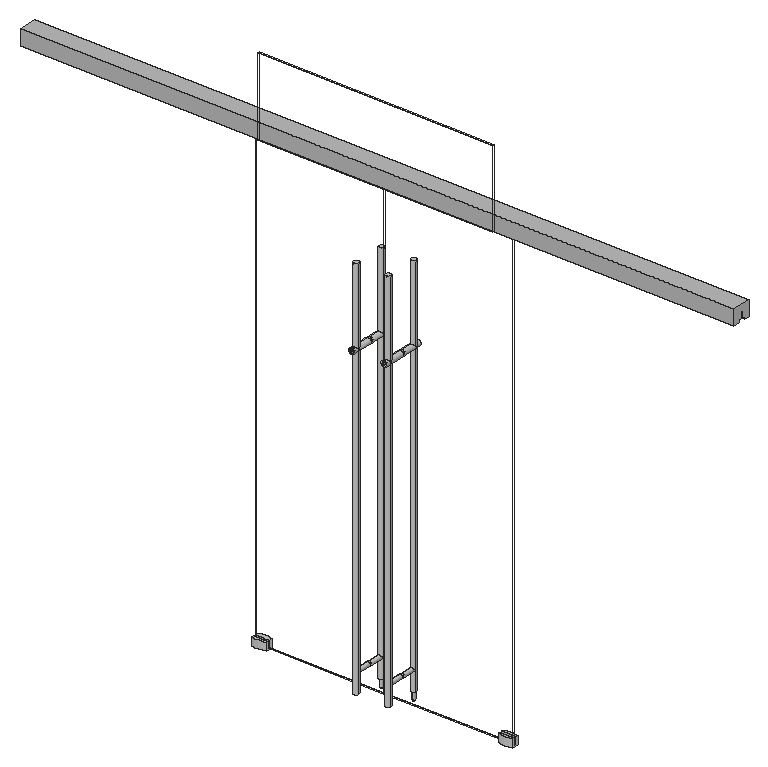
Revit family "Doors_Sliding_Avanti_Systems_Polaris-Auto-Magnetic-Slider_Pair-Glass-Mount-Sgl-Glazed", category Doors, Revit 2015 (continued)
Definition of nested family "Handle"
  Definition of nested family "Hinged Framed Swing locker"
    Automatic sketch dimensions
      Extrusion 13 sketch curve to Extrusion 13 sketch curve = 0.0652"  (x2)
      plane 25 to Extrusion 13 sketch curve = 0.32895"
      Extrusion 13 sketch curve to Extrusion 13 sketch curve = 0.14346"
      plane 25 to Extrusion 13 sketch curve = 0.11187"
      plane 3 "Center (Left/Right)" to Extrusion 13 sketch curve = 0.28149"
      plane 27 to Extrusion 14 sketch curve = 1.04735"
      Extrusion 14 sketch curve to plane 26 = 0.06323"
      Extrusion 14 sketch curve to plane 26 = 0.05213"
      Extrusion 14 sketch curve to plane 16 = 0.02652"
      Extrusion 14 sketch curve to Extrusion 14 sketch curve = 0.09753"
      Extrusion 14 sketch curve to Extrusion 14 sketch curve = 0.1137"
      plane 24 to curve 1 = 5/256"
      plane 25 to curve 1 = 0.32895"
      plane 3 "Center (Left/Right)" to curve 1 = 91/256"
      radius of Extrusion 4 sketch curve = 0.63654"
      radius of Extrusion 4 sketch curve = 0.60041"
      radius of Extrusion 5 sketch curve = 0.60041"
      radius of Blend 6 sketch curve = 0.21605"
      radius of Blend 6 sketch curve = 0.19257"
      radius of Extrusion 7 sketch curve = 91/256"
      radius of Extrusion 11 sketch curve = 91/256"
  Definition of nested family "Handle_For-Glass_Rounded_600mm"
    Parameters (values of type "Handle_For-Glass_Rounded_600mm")
      Handle Material [instance] = none
      Handle Height [instance] = 48"  # constant formula
      Default Elevation = 48"
    Reference planes (in)
      plane 1 "Center (Front/Back)": y = 0
      plane 2: z = 26.93599
      plane 3 "Center (Left/Right)": x = 0
      plane 4: z = 0
      plane 5: z = -2.66749
      plane 6: y = -28.44876
      plane 7: y = 14.63423
      plane 8: y = -33.36577
    Forms (in)
      Sweep 1, solid, material <- "Handle Material"
        path origin (0, -17.24158, 0) x (0, 0, 1) y (0, -1, 0)
          loop
            line (-2.10925, 11.20718) -> (0, 11.20718)
        profile origin (0, -28.44876, 0) x (0, -1, 0) y (1, 0, 0)
          loop
            circle (0, 0) r 0.3125
      Sweep 2, solid, material <- "Handle Material"
        path origin (0, 10.76459, 0) x (0, 0, 1) y (0, -1, 0)
          loop
            line (-2.30394, 1.07019) -> (0, 1.07019)
        profile origin (0, 9.69441, 0) x (0, -1, 0) y (1, 0, 0)
          loop
            circle (0, 0) r 0.3125
      Extrusion 3, solid, material <- "Handle Material"
        sketch origin (0, -17.24158, 0) x (1, 0, 0) y (0, 0, -1)
          loop
            circle (0, 2.27257) r 0.39445
        from -16.12419 to 31.87581
    Dimensions and locks (in)
      locked: plane 8 to plane 6 at 4.91701
      "Handle Height": plane 7 to plane 8
      aligned and locked: plane 7 to Extrusion 3
      aligned and locked: Extrusion 3 to plane 8
  Definition of nested family "Handle_For-Glass_Rounded_60in"
    Parameters (values of type "60"")
      No locker [instance] = yes
      Locker [instance] = yes
      Handle Material [instance] = none
      Handle Height [instance] = 60"  # constant formula
    Reference planes (in)
      plane 1 "Center (Front/Back)": y = 0
      plane 2: z = 19.87581
      plane 3 "Center (Left/Right)": x = 0
      plane 4: z = 2.66749
      plane 5: y = -36.97039
      plane 6: z = 0
      plane 7: y = 20.02961
      plane 8: y = -39.97039
    Forms (in)
      Sweep 1, solid, material <- "Handle Material"
        path origin (0, -11.8462, 0) x (0, 0, -1) y (0, 1, 0)
          loop
            line (-2.10925, -25.12419) -> (0, -25.12419)
        profile origin (0, -36.97039, 0) x (1, 0, 0) y (0, 1, 0)
          loop
            circle (0, 0) r 0.3125
      Sweep 2, solid, material <- "Handle Material"
        path origin (0, 16.15997, 0) x (0, 0, -1) y (0, 1, 0)
          loop
            line (-3.10757, -8.13036) -> (0, -8.13036)
        profile origin (0, 8.02961, 0) x (1, 0, 0) y (0, 1, 0)
          loop
            circle (0, 0) r 0.4375
      Extrusion 3, solid, material <- "Handle Material"
        sketch origin (0, -11.8462, 0) x (1, 0, 0) y (0, 0, -1)
          loop
            circle (0, -2.27257) r 0.39445
        from -28.12419 to 31.87581
      Revolve 4, solid, material <- "Handle Material"
        sketch origin (0, -11.8462, 0) x (0, 0, -1) y (0, 1, 0)
          loop
            line (-3.10757, 20.0489) -> (-3.19084, 20.0489) -> (-3.19084, 19.87581) -> (-3.10757, 19.87581) -> (-3.10757, 20.0489)
          axis (-3.10757, 19.87581) -> (-3.19084, 19.87581)
        angle from 0 to 360
      Extrusion 5, solid, material <- "Handle Material", visible <- "Locker"
        sketch origin (0, -11.8462, 0) x (0, 0, -1) y (0, 1, 0)
          loop
            line (-3.19084, 19.98905) -> (-3.34908, 19.98905)
            arc (-3.34908, 19.98905) -> (-3.37904, 19.97664) -> (-3.39145, 19.94668) r 0.04237
            line (-3.39145, 19.94668) -> (-3.39145, 19.80495)
            arc (-3.39145, 19.80495) -> (-3.37904, 19.77499) -> (-3.34908, 19.76258) r 0.04237
            line (-3.34908, 19.76258) -> (-3.19084, 19.76258) -> (-3.19084, 19.98905)
        from -0.03592 to 0.03621
      Revolve 6, solid, material <- "Handle Material", visible <- "No locker"
        sketch origin (0, -11.62359, 0) x (0, 0, -1) y (0, 1, 0)
          loop
            line (-3.10757, 20.0489) -> (-3.20833, 20.0489) -> (-3.20833, 19.87581) -> (-3.10757, 19.87581) -> (-3.10757, 20.0489)
          axis (-3.10757, 19.87581) -> (-3.20833, 19.87581)
        angle from 0 to 360
      Revolve 7, solid, material <- "Handle Material", visible <- "Locker"
        sketch origin (0, -11.8462, 0) x (0, 0, -1) y (0, 1, 0)
          loop
            line (-2.27257, -28.12419) -> (-2.50833, -28.12419) -> (-2.50833, -29.32199) -> (-2.41048, -29.49919) -> (-2.27257, -29.49919) -> (-2.27257, -28.12419)
          axis (-2.27257, -28.12419) -> (-2.27257, -29.49919)
        angle from 0 to 360
    Lines and regions (in)
      reference lines
        curve 1: line (0, -40.47039, 2.66749) -> (0, -40.47039, 0)
    Dimensions and locks (in)
      locked: plane 8 to plane 5 at 3
      "Handle Height": plane 7 to plane 8
      aligned and locked: Extrusion 3 to plane 7
      aligned and locked: Extrusion 3 to plane 8
      aligned and locked: Sweep 1 sketch curve to plane 5
  Definition of nested family "Handle_For-Glass_Rounded_60in2"
    Parameters (values of type "60"")
      No locker [instance] = yes
      Locker [instance] = yes
      Handle Material [instance] = none
      Handle Height [instance] = 60"  # constant formula
    Reference planes (in)
      plane 1 "Center (Front/Back)": y = 0
      plane 2: z = 19.87581
      plane 3 "Center (Left/Right)": x = 0
      plane 4: y = -36.97039
      plane 5: z = 0
      plane 6: y = 20.02961
      plane 7: y = -39.97039
      plane 8: z = -2.66749
    Forms (in)
      Sweep 1, solid, material <- "Handle Material"
        path origin (0, -11.8462, 0) x (0, 0, 1) y (0, 1, 0)
          loop
            line (-2.10925, -25.12419) -> (0, -25.12419)
        profile origin (0, -36.97039, 0) x (0, -1, 0) y (1, 0, 0)
          loop
            circle (0, 0) r 0.3125
      Sweep 2, solid, material <- "Handle Material"
        path origin (0, 16.15997, 0) x (0, 0, 1) y (0, 1, 0)
          loop
            line (-3.10757, -8.13036) -> (0, -8.13036)
        profile origin (0, 8.02961, 0) x (0, -1, 0) y (1, 0, 0)
          loop
            circle (0, 0) r 0.4375
      Extrusion 3, solid, material <- "Handle Material"
        sketch origin (0, -11.8462, 0) x (1, 0, 0) y (0, 0, -1)
          loop
            circle (0, 2.27257) r 0.39445
        from -28.12419 to 31.87581
      Revolve 4, solid, material <- "Handle Material"
        sketch origin (0, -11.8462, 0) x (0, 0, 1) y (0, 1, 0)
          loop
            line (-3.10757, 20.0489) -> (-3.19084, 20.0489) -> (-3.19084, 19.87581) -> (-3.10757, 19.87581) -> (-3.10757, 20.0489)
          axis (-3.10757, 19.87581) -> (-3.19084, 19.87581)
        angle from 0 to 360
      Extrusion 5, solid, material <- "Handle Material", visible <- "Locker"
        sketch origin (0, -11.8462, 0) x (0, 0, 1) y (0, -1, 0)
          loop
            line (-3.19084, -19.98905) -> (-3.19084, -19.76258) -> (-3.34908, -19.76258)
            arc (-3.34908, -19.76258) -> (-3.37904, -19.77499) -> (-3.39145, -19.80495) r 0.04237
            line (-3.39145, -19.80495) -> (-3.39145, -19.94668)
            arc (-3.39145, -19.94668) -> (-3.37904, -19.97664) -> (-3.34908, -19.98905) r 0.04237
            line (-3.34908, -19.98905) -> (-3.19084, -19.98905)
        from -0.03592 to 0.03621
      Revolve 6, solid, material <- "Handle Material", visible <- "No locker"
        sketch origin (0, -11.62359, 0) x (0, 0, 1) y (0, 1, 0)
          loop
            line (-3.10757, 20.0489) -> (-3.20833, 20.0489) -> (-3.20833, 19.87581) -> (-3.10757, 19.87581) -> (-3.10757, 20.0489)
          axis (-3.10757, 19.87581) -> (-3.20833, 19.87581)
        angle from 0 to 360
      Revolve 7, solid, material <- "Handle Material", visible <- "Locker"
        sketch origin (0, -11.8462, 0) x (0, 0, 1) y (0, 1, 0)
          loop
            line (-2.27257, -28.12419) -> (-2.50833, -28.12419) -> (-2.50833, -29.32199) -> (-2.41048, -29.49919) -> (-2.27257, -29.49919) -> (-2.27257, -28.12419)
          axis (-2.27257, -28.12419) -> (-2.27257, -29.49919)
        angle from 0 to 360
    Lines and regions (in)
      reference lines
        curve 1: line (0, -40.47039, -2.66749) -> (0, -40.47039, 0)
    Dimensions and locks (in)
      locked: plane 7 to plane 4 at 3
      "Handle Height": plane 6 to plane 7
Definition of nested family "Rail-Detail"
  Parameters (values of type "Family9")
    Thickness = 1/2"
    Half Thickness = Thickness / 2  # 1/4"
  Reference planes (in)
    plane 1 "Center (Front/Back)": y = 0
    plane 2: z = 0
    plane 3 "Center (Left/Right)": x = 0
    plane 4: x = 0.07386
  Lines and regions (in)
    model lines, in view "Ref. Level"
      curve 1: arc (-1.04773, 0.84252, 0) -> (-0.88829, 0.68307, 0) -> (-0.72884, 0.84252, 0) r 0.15945
      curve 2: arc (-0.72884, -0.84252, 0) -> (-0.8873, -0.68406, 0) -> (-1.04577, -0.84252, 0) r 0.15846
      curve 3: arc (1.33613, 1.08268, 0) -> (1.31306, 1.13836, 0) -> (1.25739, 1.16142, 0) r 0.07874
      curve 4: arc (1.25739, -1.18111, 0) -> (1.31306, -1.15804, 0) -> (1.33613, -1.10236, 0) r 0.07874
      curve 5: arc (0.74558, -1.16929, 0) -> (0.74904, -1.17765, 0) -> (0.75739, -1.18111, 0) r 0.01181
      curve 6: arc (0.75739, -1.07284, 0) -> (0.74903, -1.0763, 0) -> (0.74558, -1.08465, 0) r 0.01181
      curve 7: arc (0.80848, -1.07562, 0) -> (0.80492, -1.07355, 0) -> (0.80087, -1.07284, 0) r 0.01182
      curve 8: arc (0.81644, -1.08759, 0) -> (0.81516, -1.08223, 0) -> (0.81158, -1.07804, 0) r 0.01181
      curve 9: arc (0.81644, -1.12205, 0) -> (0.81875, -1.12762, 0) -> (0.82432, -1.12992, 0) r 0.00787
      curve 10: arc (0.86369, -1.12992, 0) -> (0.86925, -1.12762, 0) -> (0.87156, -1.12205, 0) r 0.00787
      curve 11: arc (0.87642, -1.07804, 0) -> (0.87285, -1.08223, 0) -> (0.87156, -1.08759, 0) r 0.01181
      curve 12: arc (0.87642, -1.07804, 0) -> (0.89912, -1.03347, 0) -> (0.87642, -0.9889, 0) r 0.05512
      curve 13: arc (0.87156, -0.97934, 0) -> (0.87285, -0.9847, 0) -> (0.87642, -0.9889, 0) r 0.01182
      curve 14: arc (0.87156, -0.94488, 0) -> (0.86925, -0.93932, 0) -> (0.86369, -0.93701, 0) r 0.00787
      curve 15: arc (0.82432, -0.93701, 0) -> (0.81875, -0.93932, 0) -> (0.81644, -0.94488, 0) r 0.00787
      curve 16: arc (0.81158, -0.98889, 0) -> (0.81516, -0.9847, 0) -> (0.81644, -0.97934, 0) r 0.01182
      curve 17: arc (0.80088, -0.9941, 0) -> (0.80493, -0.99338, 0) -> (0.80848, -0.99132, 0) r 0.0118
      curve 18: arc (0.74558, -0.98229, 0) -> (0.74903, -0.99064, 0) -> (0.75739, -0.9941, 0) r 0.01181
      curve 19: arc (0.75739, -0.88583, 0) -> (0.74903, -0.88929, 0) -> (0.74558, -0.89764, 0) r 0.01181
      curve 20: arc (1.00148, -0.89764, 0) -> (0.99802, -0.88929, 0) -> (0.98967, -0.88583, 0) r 0.01181
      curve 21: arc (1.00148, -1.09055, 0) -> (1.00494, -1.0989, 0) -> (1.01329, -1.10236, 0) r 0.01181
      curve 22: arc (1.26526, -1.10236, 0) -> (1.27361, -1.0989, 0) -> (1.27707, -1.09055, 0) r 0.01181
      curve 23: arc (1.27707, 0.68898, 0) -> (1.26554, 0.71682, 0) -> (1.2377, 0.72835, 0) r 0.03937
      curve 24: arc (1.21802, 0.74016, 0) -> (1.22148, 0.73181, 0) -> (1.22983, 0.72835, 0) r 0.01181
      curve 25: arc (1.21802, 1.01968, 0) -> (1.21571, 1.02525, 0) -> (1.21014, 1.02756, 0) r 0.00788
      curve 26: arc (0.844, 1.09843, 0) -> (0.80857, 1.06299, 0) -> (0.844, 1.02756, 0) r 0.03543
      curve 27: arc (1.07629, 1.09843, 0) -> (1.08185, 1.10073, 0) -> (1.08416, 1.1063, 0) r 0.00787
      curve 28: arc (1.09204, 1.16142, 0) -> (1.08647, 1.15911, 0) -> (1.08416, 1.15354, 0) r 0.00788
      curve 29: arc (-1.25049, 0.88583, 0) -> (-1.25884, 0.88237, 0) -> (-1.2623, 0.87402, 0) r 0.01181
      curve 30: arc (-1.2623, -0.87402, 0) -> (-1.25884, -0.88237, 0) -> (-1.25049, -0.88583, 0) r 0.01181
      curve 31: arc (-0.46309, -0.9941, 0) -> (-0.45474, -0.99064, 0) -> (-0.45128, -0.98229, 0) r 0.01181
      curve 32: arc (-0.51419, -0.99132, 0) -> (-0.51689, -0.98918, 0) -> (-0.51971, -0.98722, 0) r 0.05492
      curve 33: arc (0.82235, 0.88583, 0) -> (0.814, 0.88237, 0) -> (0.81054, 0.87402, 0) r 0.01181
      curve 34: arc (-0.1875, 1.02362, 0) -> (-0.19585, 1.02017, 0) -> (-0.19931, 1.01181, 0) r 0.01181
      curve 35: arc (-0.21112, 0.95669, 0) -> (-0.20277, 0.96015, 0) -> (-0.19931, 0.9685, 0) r 0.01181
      curve 36: arc (-0.49065, 0.95669, 0) -> (-0.499, 0.95323, 0) -> (-0.50246, 0.94488, 0) r 0.01181
      curve 37: arc (-0.50246, 0.85827, 0) -> (-0.499, 0.84992, 0) -> (-0.49065, 0.84646, 0) r 0.01181
      curve 38: arc (-0.39616, 0.83465, 0) -> (-0.39962, 0.843, 0) -> (-0.40797, 0.84646, 0) r 0.01181
      curve 39: arc (-0.40797, 0.72835, 0) -> (-0.39962, 0.73181, 0) -> (-0.39616, 0.74016, 0) r 0.01181
      curve 40: arc (-0.50593, 0.73181, 0) -> (-0.50209, 0.72925, 0) -> (-0.49756, 0.72835, 0) r 0.01184
      curve 41: arc (-0.60088, 0.83166, 0) -> (-0.59998, 0.82715, 0) -> (-0.59743, 0.82332, 0) r 0.0118
      curve 42: arc (-0.60088, 0.87402, 0) -> (-0.60434, 0.88237, 0) -> (-0.61269, 0.88583, 0) r 0.01181
      curve 43: arc (1.13337, 0.87402, 0) -> (1.12991, 0.88237, 0) -> (1.12156, 0.88583, 0) r 0.01181
      curve 44: arc (0.81054, 0.8189, 0) -> (0.814, 0.81054, 0) -> (0.82235, 0.80709, 0) r 0.01181
      curve 45: arc (0.86369, 0.79528, 0) -> (0.86023, 0.80363, 0) -> (0.85188, 0.80709, 0) r 0.01181
      curve 46: arc (0.85188, 0.72835, 0) -> (0.86023, 0.73181, 0) -> (0.86369, 0.74016, 0) r 0.01181
      curve 47: arc (0.59991, 0.84646, 0) -> (0.59155, 0.843, 0) -> (0.58809, 0.83465, 0) r 0.01181
      curve 48: arc (0.68258, 0.84646, 0) -> (0.69094, 0.84992, 0) -> (0.69439, 0.85827, 0) r 0.01181
      curve 49: arc (-0.45128, -0.89764, 0) -> (-0.45474, -0.88929, 0) -> (-0.46309, -0.88583, 0) r 0.01181
      curve 50: arc (-0.51419, -0.99132, 0) -> (-0.51063, -0.99338, 0) -> (-0.50658, -0.9941, 0) r 0.0118
      curve 51: arc (-0.57969, -0.98722, 0) -> (-0.60482, -1.03347, 0) -> (-0.57969, -1.07971, 0) r 0.05512
      curve 52: arc (-0.51971, -1.07971, 0) -> (-0.51688, -1.07775, 0) -> (-0.51418, -1.07562, 0) r 0.05538
      curve 53: arc (-0.50657, -1.07284, 0) -> (-0.51062, -1.07355, 0) -> (-0.51418, -1.07562, 0) r 0.01182
      curve 54: arc (-0.45128, -1.08465, 0) -> (-0.45474, -1.0763, 0) -> (-0.46309, -1.07284, 0) r 0.01181
      curve 55: arc (-0.46309, -1.18111, 0) -> (-0.45474, -1.17765, 0) -> (-0.45128, -1.16929, 0) r 0.01181
      curve 56: arc (-1.41978, -1.10236, 0) -> (-1.39672, -1.15804, 0) -> (-1.34104, -1.18111, 0) r 0.07874
      curve 57: arc (-1.34104, 1.1811, 0) -> (-1.39672, 1.15804, 0) -> (-1.41978, 1.10236, 0) r 0.07874
      curve 58: arc (0.5881, 0.74016, 0) -> (0.59155, 0.73181, 0) -> (0.59991, 0.72835, 0) r 0.01181
      curve 59: arc (0.78638, 1.17372, 0) -> (0.78203, 1.17909, 0) -> (0.77543, 1.1811, 0) r 0.01181
      curve 60: arc (0.78638, 1.17372, 0) -> (0.80463, 1.16142, 0) -> (0.82288, 1.17372, 0) r 0.01969
      curve 61: arc (0.83383, 1.1811, 0) -> (0.82723, 1.17909, 0) -> (0.82288, 1.17372, 0) r 0.01181
      curve 62: arc (0.69439, 0.94488, 0) -> (0.69094, 0.95323, 0) -> (0.68258, 0.95669, 0) r 0.01181
      curve 63: arc (0.39124, 0.9685, 0) -> (0.3947, 0.96015, 0) -> (0.40305, 0.95669, 0) r 0.01181
      curve 64: arc (0.39124, 1.01181, 0) -> (0.38779, 1.02017, 0) -> (0.37943, 1.02362, 0) r 0.01181
      curve 65: arc (1.20893, 0.9635, 0) -> (1.21547, 0.96767, 0) -> (1.21802, 0.975, 0) r 0.01181
      curve 66: arc (1.20893, 0.9635, 0) -> (1.17865, 0.9252, 0) -> (1.20893, 0.88689, 0) r 0.03937
      curve 67: arc (1.21802, 0.8754, 0) -> (1.21547, 0.88272, 0) -> (1.20893, 0.88689, 0) r 0.01181
      curve 68: arc (1.20621, 0.72835, 0) -> (1.21456, 0.73181, 0) -> (1.21802, 0.74016, 0) r 0.01181
      curve 69: arc (1.08022, 0.74016, 0) -> (1.08368, 0.73181, 0) -> (1.09203, 0.72835, 0) r 0.01181
      curve 70: arc (1.09203, 0.80709, 0) -> (1.08368, 0.80363, 0) -> (1.08022, 0.79528, 0) r 0.01181
      curve 71: arc (1.12156, 0.80709, 0) -> (1.12991, 0.81054, 0) -> (1.13337, 0.8189, 0) r 0.01181
      curve 72: arc (-1.09695, -1.04331, 0) -> (-1.09464, -1.04888, 0) -> (-1.08907, -1.05118, 0) r 0.00787
      curve 73: arc (-0.6875, -1.05118, 0) -> (-0.68193, -1.04888, 0) -> (-0.67962, -1.04331, 0) r 0.00787
      curve 74: arc (-0.67175, -0.88583, 0) -> (-0.67732, -0.88813, 0) -> (-0.67962, -0.8937, 0) r 0.00787
      curve 75: arc (-1.09695, -0.8937, 0) -> (-1.09925, -0.88814, 0) -> (-1.10482, -0.88583, 0) r 0.00787
      curve 76: arc (-1.08907, 1.05118, 0) -> (-1.09463, 1.04888, 0) -> (-1.09695, 1.04332, 0) r 0.00788
      curve 77: arc (-1.10482, 0.88583, 0) -> (-1.09925, 0.88814, 0) -> (-1.09695, 0.8937, 0) r 0.00787
      curve 78: arc (-0.67962, 1.0433, 0) -> (-0.68193, 1.04888, 0) -> (-0.6875, 1.05118, 0) r 0.00788
      curve 79: arc (-0.67962, 0.8937, 0) -> (-0.67732, 0.88813, 0) -> (-0.67175, 0.88583, 0) r 0.00787
      curve 80: arc (-0.53002, -1.12992, 0) -> (-0.52445, -1.12762, 0) -> (-0.52214, -1.12205, 0) r 0.00787
      curve 81: arc (-0.57726, -1.12205, 0) -> (-0.57495, -1.12762, 0) -> (-0.56939, -1.12992, 0) r 0.00787
      curve 82: arc (-0.56939, -0.93701, 0) -> (-0.57495, -0.93932, 0) -> (-0.57726, -0.94488, 0) r 0.00787
      curve 83: arc (-0.52214, -0.94488, 0) -> (-0.52445, -0.93932, 0) -> (-0.53002, -0.93701, 0) r 0.00787
      curve 84: arc (1.08022, 1.16929, 0) -> (1.07676, 1.17764, 0) -> (1.06841, 1.1811, 0) r 0.01181
      curve 85: arc (1.04085, 1.10236, 0) -> (1.06869, 1.1139, 0) -> (1.08022, 1.14173, 0) r 0.03937
      curve 86: arc (0.99314, 1.10691, 0) -> (0.99728, 1.10356, 0) -> (1.00246, 1.10236, 0) r 0.01181
      curve 87: arc (0.99314, 1.10691, 0) -> (0.96211, 1.12205, 0) -> (0.93108, 1.10691, 0) r 0.03937
      curve 88: arc (0.92177, 1.10236, 0) -> (0.92695, 1.10356, 0) -> (0.93108, 1.10691, 0) r 0.01181
      curve 89: arc (0.844, 1.10236, 0) -> (0.80463, 1.06299, 0) -> (0.844, 1.02362, 0) r 0.03937
      curve 90: arc (0.93108, 1.01908, 0) -> (0.92695, 1.02243, 0) -> (0.92177, 1.02362, 0) r 0.01181
      curve 91: arc (0.93108, 1.01908, 0) -> (0.96211, 1.00394, 0) -> (0.99314, 1.01908, 0) r 0.03937
      curve 92: arc (1.00246, 1.02362, 0) -> (0.99727, 1.02243, 0) -> (0.99314, 1.01908, 0) r 0.01181
      curve 93: arc (1.21802, 1.01181, 0) -> (1.21456, 1.02017, 0) -> (1.20621, 1.02362, 0) r 0.01181
      curve 94: line (-1.03396, 1, 0) -> (-0.74262, 1, 0)
      curve 95: line (-1.04773, 0.84252, 0) -> (-1.04773, 0.89626, 0)
      curve 96: line (-0.72884, 0.89626, 0) -> (-0.72884, 0.84252, 0)
      curve 97: line (-1.03396, -1, 0) -> (-0.74262, -1, 0)
      curve 98: line (-0.72884, -0.89626, 0) -> (-0.72884, -0.84252, 0)
      curve 99: line (-1.04577, -0.84252, 0) -> (-1.04577, -0.89626, 0)
      curve 100: line (1.33613, -1.10236, 0) -> (1.33613, 1.08268, 0)
      curve 101: line (0.75739, -1.18111, 0) -> (1.25739, -1.18111, 0)
      curve 102: line (0.75739, -1.07284, 0) -> (0.80087, -1.07284, 0)
      curve 103: line (0.81644, -1.08759, 0) -> (0.81644, -1.12205, 0)
      curve 104: line (0.82432, -1.12992, 0) -> (0.86369, -1.12992, 0)
      curve 105: line (0.87156, -1.12205, 0) -> (0.87156, -1.08759, 0)
      curve 106: line (0.87156, -0.97934, 0) -> (0.87156, -0.94488, 0)
      curve 107: line (0.86369, -0.93701, 0) -> (0.82432, -0.93701, 0)
      curve 108: line (0.81644, -0.94488, 0) -> (0.81644, -0.97934, 0)
      curve 109: line (0.80088, -0.9941, 0) -> (0.75739, -0.9941, 0)
      curve 110: line (0.75739, -0.88583, 0) -> (0.98967, -0.88583, 0)
      curve 111: line (1.26526, -1.10236, 0) -> (1.01329, -1.10236, 0)
      curve 112: line (1.27707, 0.68898, 0) -> (1.27707, -1.09055, 0)
      curve 113: line (1.22983, 0.72835, 0) -> (1.2377, 0.72835, 0)
      curve 114: line (1.21802, 1.01968, 0) -> (1.21802, 0.74016, 0)
      curve 115: line (1.21802, 0.74016, 0) -> (1.21802, 0.8754, 0)
      curve 116: line (1.00246, 1.02362, 0) -> (1.20621, 1.02362, 0)
      curve 117: line (1.21014, 1.02756, 0) -> (0.844, 1.02756, 0)
      curve 118: line (0.844, 1.02362, 0) -> (0.92177, 1.02362, 0)
      curve 119: line (0.92177, 1.10236, 0) -> (0.844, 1.10236, 0)
      curve 120: line (0.844, 1.09843, 0) -> (1.07629, 1.09843, 0)
      curve 121: line (1.08416, 1.1063, 0) -> (1.08416, 1.15354, 0)
      curve 122: line (1.25739, 1.16142, 0) -> (1.09204, 1.16142, 0)
      curve 123: line (0.74558, -0.89764, 0) -> (0.74558, -0.98229, 0)
      curve 124: line (1.00148, -1.09055, 0) -> (1.00148, -0.89764, 0)
      curve 125: line (0.74558, -1.08465, 0) -> (0.74558, -1.16929, 0)
      curve 126: line (-1.25049, 0.88583, 0) -> (-1.10482, 0.88583, 0)
      curve 127: line (-1.2623, -0.87402, 0) -> (-1.2623, 0.87402, 0)
      curve 128: line (-0.50658, -0.9941, 0) -> (-0.46309, -0.9941, 0)
      curve 129: line (0.82235, 0.88583, 0) -> (1.12156, 0.88583, 0)
      curve 130: line (-0.19931, 0.9685, 0) -> (-0.19931, 1.01181, 0)
      curve 131: line (-0.49065, 0.95669, 0) -> (-0.21112, 0.95669, 0)
      curve 132: line (-0.50246, 0.85827, 0) -> (-0.50246, 0.94488, 0)
      curve 133: line (-0.40797, 0.84646, 0) -> (-0.49065, 0.84646, 0)
      curve 134: line (-0.39616, 0.74016, 0) -> (-0.39616, 0.83465, 0)
      curve 135: line (-0.49756, 0.72835, 0) -> (-0.40797, 0.72835, 0)
      curve 136: line (-0.59743, 0.82332, 0) -> (-0.50593, 0.73181, 0)
      curve 137: line (-0.60088, 0.87402, 0) -> (-0.60088, 0.83166, 0)
      curve 138: line (-0.67175, 0.88583, 0) -> (-0.61269, 0.88583, 0)
      curve 139: line (1.13337, 0.87402, 0) -> (1.13337, 0.8189, 0)
      curve 140: line (0.81054, 0.8189, 0) -> (0.81054, 0.87402, 0)
      curve 141: line (0.85188, 0.80709, 0) -> (0.82235, 0.80709, 0)
      curve 142: line (0.86369, 0.74016, 0) -> (0.86369, 0.79528, 0)
      curve 143: line (0.59991, 0.72835, 0) -> (0.85188, 0.72835, 0)
      curve 144: line (0.58809, 0.83465, 0) -> (0.58809, 0.74016, 0)
      curve 145: line (0.68258, 0.84646, 0) -> (0.59991, 0.84646, 0)
      curve 146: line (-1.10482, -0.88583, 0) -> (-1.25049, -0.88583, 0)
      curve 147: line (-0.46309, -0.88583, 0) -> (-0.67175, -0.88583, 0)
      curve 148: line (-0.45128, -0.98229, 0) -> (-0.45128, -0.89764, 0)
      curve 149: line (-0.1875, 1.02362, 0) -> (0.07628, 1.02362, 0)
      curve 150: line (0.07628, 1.02362, 0) -> (0.09597, 1.04331, 0)
      curve 151: line (0.09597, 1.04331, 0) -> (0.11565, 1.02362, 0)
      curve 152: line (0.11565, 1.02362, 0) -> (0.37943, 1.02362, 0)
      curve 153: line (-0.46309, -1.07284, 0) -> (-0.50657, -1.07284, 0)
      curve 154: line (-0.45128, -1.16929, 0) -> (-0.45128, -1.08465, 0)
      curve 155: line (-1.34104, -1.18111, 0) -> (-0.46309, -1.18111, 0)
      curve 156: line (-1.41978, 1.10236, 0) -> (-1.41978, -1.10236, 0)
      curve 157: line (1.06841, 1.1811, 0) -> (0.83383, 1.1811, 0)
      curve 158: line (0.69439, 0.94488, 0) -> (0.69439, 0.85827, 0)
      curve 159: line (0.39124, 1.01181, 0) -> (0.39124, 0.9685, 0)
      curve 160: line (1.09203, 0.72835, 0) -> (1.20621, 0.72835, 0)
      curve 161: line (1.08022, 0.79528, 0) -> (1.08022, 0.74016, 0)
      curve 162: line (1.12156, 0.80709, 0) -> (1.09203, 0.80709, 0)
      curve 163: line (0.40305, 0.95669, 0) -> (0.68258, 0.95669, 0)
      curve 164: line (-1.09695, 1.04332, 0) -> (-1.09695, 0.8937, 0)
      curve 165: line (-0.6875, 1.05118, 0) -> (-1.08907, 1.05118, 0)
      curve 166: line (-0.67962, 0.8937, 0) -> (-0.67962, 1.0433, 0)
      curve 167: line (-0.67962, -1.04331, 0) -> (-0.67962, -0.8937, 0)
      curve 168: line (-1.08907, -1.05118, 0) -> (-0.6875, -1.05118, 0)
      curve 169: line (-1.09695, -0.8937, 0) -> (-1.09695, -1.04331, 0)
      curve 170: line (-0.57726, -1.08181, 0) -> (-0.57726, -1.12205, 0)
      curve 171: line (-0.52214, -1.12205, 0) -> (-0.52214, -1.08181, 0)
      curve 172: line (-0.52214, -0.98513, 0) -> (-0.52214, -0.94488, 0)
      curve 173: line (-0.57726, -0.94488, 0) -> (-0.57726, -0.98513, 0)
      curve 174: line (-0.53002, -1.12992, 0) -> (-0.56939, -1.12992, 0)
      curve 175: line (-0.56939, -0.93701, 0) -> (-0.53002, -0.93701, 0)
      curve 176: line (0.77543, 1.1811, 0) -> (-1.34104, 1.1811, 0)
      curve 177: line (1.08022, 1.14173, 0) -> (1.08022, 1.16929, 0)
      curve 178: line (1.00246, 1.10236, 0) -> (1.04085, 1.10236, 0)
      curve 179: line (1.21802, 0.975, 0) -> (1.21802, 1.01181, 0)
      curve 180: arc (-0.72476, 0.90317, 0) -> (-0.72774, 0.90027, 0) -> (-0.72884, 0.89626, 0) r 0.00789
      curve 181: arc (-0.72476, 0.90317, 0) -> (-0.71407, 0.92126, 0) -> (-0.72476, 0.93936, 0) r 0.02067
      curve 182: arc (-0.72884, 0.94626, 0) -> (-0.72774, 0.94225, 0) -> (-0.72476, 0.93936, 0) r 0.00787
      curve 183: arc (-1.05181, 0.93936, 0) -> (-1.04883, 0.94225, 0) -> (-1.04773, 0.94626, 0) r 0.00787
      curve 184: arc (-1.05181, 0.93936, 0) -> (-1.0625, 0.92126, 0) -> (-1.05181, 0.90317, 0) r 0.02067
      curve 185: arc (-1.04773, 0.89626, 0) -> (-1.04883, 0.90027, 0) -> (-1.05181, 0.90317, 0) r 0.00789
      curve 186: arc (-1.07529, 1.04331, 0) -> (-1.08365, 1.03984, 0) -> (-1.0871, 1.03148, 0) r 0.01181
      curve 187: arc (-0.68947, 1.0315, 0) -> (-0.69293, 1.03985, 0) -> (-0.70128, 1.04331, 0) r 0.01181
      curve 188: arc (-1.03592, 1, 0) -> (-1.04427, 0.99654, 0) -> (-1.04773, 0.98818, 0) r 0.01182
      curve 189: arc (-1.05954, 0.84646, 0) -> (-1.05119, 0.84992, 0) -> (-1.04773, 0.85827, 0) r 0.01181
      curve 190: arc (-0.72884, 0.98818, 0) -> (-0.7323, 0.99654, 0) -> (-0.74065, 1, 0) r 0.01182
      curve 191: arc (-0.72884, 0.85827, 0) -> (-0.72538, 0.84992, 0) -> (-0.71703, 0.84646, 0) r 0.01181
      curve 192: arc (-0.6245, 0.84646, 0) -> (-0.61615, 0.84992, 0) -> (-0.61269, 0.85827, 0) r 0.01181
      curve 193: arc (-0.61269, 0.87402, 0) -> (-0.61615, 0.88237, 0) -> (-0.6245, 0.88583, 0) r 0.01181
      curve 194: arc (-0.68947, 0.89764, 0) -> (-0.68601, 0.88929, 0) -> (-0.67766, 0.88583, 0) r 0.01181
      curve 195: arc (-1.09891, 0.88583, 0) -> (-1.09056, 0.88929, 0) -> (-1.0871, 0.89764, 0) r 0.01181
      curve 196: arc (-1.16388, 0.85827, 0) -> (-1.16042, 0.84992, 0) -> (-1.15207, 0.84646, 0) r 0.01181
      curve 197: arc (-1.15207, 0.88583, 0) -> (-1.16042, 0.88237, 0) -> (-1.16388, 0.87402, 0) r 0.01181
      curve 198: arc (-1.04773, -0.94626, 0) -> (-1.04883, -0.94226, 0) -> (-1.05181, -0.93936, 0) r 0.00787
      curve 199: arc (-0.72476, -0.93936, 0) -> (-0.72774, -0.94226, 0) -> (-0.72884, -0.94626, 0) r 0.00787
      curve 200: arc (-0.70128, -1.04331, 0) -> (-0.69293, -1.03985, 0) -> (-0.68947, -1.0315, 0) r 0.01181
      curve 201: arc (-1.04773, -0.98819, 0) -> (-1.04428, -0.99654, 0) -> (-1.03592, -1, 0) r 0.01181
      curve 202: arc (-1.04577, -0.85827, 0) -> (-1.04923, -0.84992, 0) -> (-1.05758, -0.84646, 0) r 0.01181
      curve 203: arc (-0.74065, -1, 0) -> (-0.7323, -0.99654, 0) -> (-0.72884, -0.98819, 0) r 0.01181
      curve 204: arc (-0.71702, -0.84646, 0) -> (-0.72538, -0.84992, 0) -> (-0.72884, -0.85827, 0) r 0.01181
      curve 205: arc (-0.61269, -0.85827, 0) -> (-0.61615, -0.84992, 0) -> (-0.62451, -0.84646, 0) r 0.01181
      curve 206: arc (-0.62451, -0.88583, 0) -> (-0.61615, -0.88237, 0) -> (-0.61269, -0.87402, 0) r 0.01181
      curve 207: arc (-0.67766, -0.88583, 0) -> (-0.68601, -0.88929, 0) -> (-0.68947, -0.89764, 0) r 0.01181
      curve 208: arc (-1.0871, -0.89764, 0) -> (-1.09056, -0.88929, 0) -> (-1.09891, -0.88583, 0) r 0.01181
      curve 209: arc (-1.15206, -0.84646, 0) -> (-1.16042, -0.84992, 0) -> (-1.16388, -0.85827, 0) r 0.01181
      curve 210: arc (-1.16388, -0.87402, 0) -> (-1.16042, -0.88237, 0) -> (-1.15206, -0.88583, 0) r 0.01181
      curve 211: arc (-1.0871, -1.0315, 0) -> (-1.08365, -1.03985, 0) -> (-1.07529, -1.04331, 0) r 0.01181
      curve 212: arc (-1.05181, -0.90316, 0) -> (-1.04883, -0.90027, 0) -> (-1.04773, -0.89626, 0) r 0.00787
      curve 213: arc (-0.72884, -0.89626, 0) -> (-0.72774, -0.90027, 0) -> (-0.72476, -0.90316, 0) r 0.00787
      curve 214: arc (-1.05181, -0.90316, 0) -> (-1.0625, -0.92126, 0) -> (-1.05181, -0.93936, 0) r 0.02067
      curve 215: arc (-0.72476, -0.93936, 0) -> (-0.71407, -0.92126, 0) -> (-0.72476, -0.90316, 0) r 0.02067
      curve 216: line (-0.67766, 0.88583, 0) -> (-0.6245, 0.88583, 0)
      curve 217: line (-0.61269, 0.87402, 0) -> (-0.61269, 0.85827, 0)
      curve 218: line (-0.6245, 0.84646, 0) -> (-0.71703, 0.84646, 0)
      curve 219: line (-0.72884, 0.85827, 0) -> (-0.72884, 0.89626, 0)
      curve 220: line (-0.72884, 0.94626, 0) -> (-0.72884, 0.98818, 0)
      curve 221: line (-0.74065, 1, 0) -> (-1.03592, 1, 0)
      curve 222: line (-1.04773, 0.98818, 0) -> (-1.04773, 0.94626, 0)
      curve 223: line (-1.04773, 0.89626, 0) -> (-1.04773, 0.85827, 0)
      curve 224: line (-1.05954, 0.84646, 0) -> (-1.15207, 0.84646, 0)
      curve 225: line (-1.16388, 0.85827, 0) -> (-1.16388, 0.87402, 0)
      curve 226: line (-1.15207, 0.88583, 0) -> (-1.09891, 0.88583, 0)
      curve 227: line (-1.07529, 1.04331, 0) -> (-0.70128, 1.04331, 0)
      curve 228: line (-0.68947, 1.0315, 0) -> (-0.68947, 0.89764, 0)
      curve 229: line (-1.0871, 0.89764, 0) -> (-1.0871, 1.03148, 0)
      curve 230: line (-0.70128, -1.04331, 0) -> (-1.07529, -1.04331, 0)
      curve 231: line (-0.62451, -0.84646, 0) -> (-0.71702, -0.84646, 0)
      curve 232: line (-0.61269, -0.87402, 0) -> (-0.61269, -0.85827, 0)
      curve 233: line (-0.67766, -0.88583, 0) -> (-0.62451, -0.88583, 0)
      curve 234: line (-1.15206, -0.88583, 0) -> (-1.09891, -0.88583, 0)
      curve 235: line (-1.16388, -0.85827, 0) -> (-1.16388, -0.87402, 0)
      curve 236: line (-1.05758, -0.84646, 0) -> (-1.15206, -0.84646, 0)
      curve 237: line (-1.04577, -0.89626, 0) -> (-1.04577, -0.85827, 0)
      curve 238: line (-0.74065, -1, 0) -> (-1.03592, -1, 0)
      curve 239: line (-0.72884, -0.94626, 0) -> (-0.72884, -0.98819, 0)
      curve 240: line (-0.72884, -0.85827, 0) -> (-0.72884, -0.89626, 0)
      curve 241: line (-1.04773, -0.98819, 0) -> (-1.04773, -0.94626, 0)
      curve 242: line (-0.68947, -1.0315, 0) -> (-0.68947, -0.89764, 0)
      curve 243: line (-1.0871, -0.89764, 0) -> (-1.0871, -1.0315, 0)
      curve 244: arc (0.91005, 0.71109, 0) -> (0.77573, 0.72832, 0) -> (0.6418, 0.70829, 0) r 0.49218
      curve 245: arc (-0.99964, 0.71542, 0) -> (-0.88829, 0.66929, 0) -> (-0.77693, 0.71542, 0) r 0.15748
      curve 246: arc (-0.99964, 0.54219, 0) -> (-0.88829, 0.49606, 0) -> (-0.77693, 0.54219, 0) r 0.15748
      curve 247: arc (-0.46, 0.66929, 0) -> (-0.4688, 0.66385, 0) -> (-0.46787, 0.65354, 0) r 0.00984
      curve 248: arc (0.71591, -0.49409, 0) -> (0.70199, -0.49986, 0) -> (0.69623, -0.51378, 0) r 0.01969
      curve 249: arc (0.87339, -0.49409, 0) -> (0.88731, -0.48833, 0) -> (0.89308, -0.47441, 0) r 0.01969
      curve 250: arc (0.89308, -0.3563, 0) -> (0.88926, -0.34465, 0) -> (0.8793, -0.33752, 0) r 0.01969
      curve 251: arc (1.15621, 0.54584, 0) -> (1.13067, 0.56291, 0) -> (1.10054, 0.5689, 0) r 0.07873
      curve 252: arc (1.15621, 0.49016, 0) -> (1.16495, 0.518, 0) -> (1.15621, 0.54584, 0) r 0.04871
      curve 253: arc (1.15621, -0.70725, 0) -> (1.16495, -0.67941, 0) -> (1.15621, -0.65157, 0) r 0.04871
      curve 254: arc (1.10054, -0.73031, 0) -> (1.13067, -0.72432, 0) -> (1.15621, -0.70725, 0) r 0.07873
      curve 255: arc (1.2282, 0.41818, 0) -> (1.23694, 0.44601, 0) -> (1.2282, 0.47385, 0) r 0.04871
      curve 256: arc (1.2282, -0.63526, 0) -> (1.23694, -0.60743, 0) -> (1.2282, -0.57959, 0) r 0.04871
      curve 257: arc (1.2282, -0.63526, 0) -> (1.24527, -0.60972, 0) -> (1.25126, -0.57959, 0) r 0.07874
      curve 258: arc (1.25126, 0.41818, 0) -> (1.24527, 0.44831, 0) -> (1.2282, 0.47385, 0) r 0.07874
      curve 259: arc (0.8793, 0.35433, 0) -> (0.86777, 0.38217, 0) -> (0.83993, 0.3937, 0) r 0.03937
      curve 260: arc (0.83993, -0.47244, 0) -> (0.86777, -0.46091, 0) -> (0.8793, -0.43307, 0) r 0.03937
      curve 261: arc (0.61532, 0.61024, 0) -> (0.60704, 0.63859, 0) -> (0.58137, 0.6532, 0) r 0.03937
      curve 262: arc (0.58137, -0.50753, 0) -> (0.60577, -0.49443, 0) -> (0.61552, -0.46851, 0) r 0.03937
      curve 263: line (0.6667, -0.52858, 0) -> (0.69623, -0.52858, 0)
      curve 264: line (0.69623, -0.52858, 0) -> (0.6667, -0.52858, 0)
      curve 265: line (0.6667, -0.52858, 0) -> (0.69623, -0.52858, 0)
      curve 266: line (0.69623, -0.52858, 0) -> (0.6667, -0.52858, 0)
      curve 267: line (0.6667, -0.52858, 0) -> (0.69623, -0.52858, 0)
      curve 268: line (0.69623, -0.52858, 0) -> (0.6667, -0.52858, 0)
      curve 269: line (0.6667, -0.52858, 0) -> (0.69623, -0.52858, 0)
      curve 270: line (0.69623, -0.52858, 0) -> (0.6667, -0.52858, 0)
      curve 271: line (0.6667, -0.52858, 0) -> (0.6667, -0.55417, 0)
      curve 272: line (0.6667, -0.55417, 0) -> (0.69623, -0.55417, 0)
      curve 273: line (0.8793, -0.24596, 0) -> (0.91005, -0.23865, 0)
      curve 274: line (0.91005, -0.23865, 0) -> (0.93835, -0.21034, 0)
      curve 275: line (0.93835, -0.21034, 0) -> (0.93835, -0.04367, 0)
      curve 276: line (0.93835, -0.04367, 0) -> (0.93835, 0.68278, 0)
      curve 277: line (0.93835, 0.68278, 0) -> (0.91005, 0.71109, 0)
      curve 278: line (0.91005, 0.71109, 0) -> (0.91005, -0.06141, 0)
      curve 279: line (0.91005, -0.06141, 0) -> (0.91005, -0.23865, 0)
      curve 280: line (0.6418, 0.3937, 0) -> (0.6418, 0.70829, 0)
      curve 281: line (0.6418, 0.70829, 0) -> (0.6225, 0.66929, 0)
      curve 282: line (-0.65206, 0.73228, 0) -> (-0.65206, 0.74803, 0)
      curve 283: line (-0.65206, 0.74803, 0) -> (-0.67175, 0.76772, 0)
      curve 284: line (-0.67175, 0.76772, 0) -> (-0.72463, 0.76772, 0)
      curve 285: line (-0.72463, 0.76772, 0) -> (-0.77693, 0.71542, 0)
      curve 286: line (-0.77693, 0.71542, 0) -> (-0.77693, 0.54219, 0)
      curve 287: line (0.93835, 0.13779, 0) -> (0.94623, 0.13779, 0)
      curve 288: line (0.94623, 0.13779, 0) -> (0.95804, 0.14961, 0)
      curve 289: line (0.95804, 0.14961, 0) -> (0.95804, 0.32283, 0)
      curve 290: line (0.95804, 0.32283, 0) -> (0.94623, 0.33465, 0)
      curve 291: line (0.94623, 0.33465, 0) -> (0.93835, 0.33465, 0)
      curve 292: line (-1.12451, 0.54974, 0) -> (-1.12451, -0.76378, 0)
      curve 293: line (-1.12451, -0.76378, 0) -> (-1.10482, -0.78347, 0)
      curve 294: line (-1.10482, -0.78347, 0) -> (-1.05194, -0.78347, 0)
      curve 295: line (-1.05194, -0.78347, 0) -> (-0.99964, -0.73116, 0)
      curve 296: line (-0.99964, -0.73116, 0) -> (-0.99964, 0.54219, 0)
      curve 297: line (-0.99964, 0.54219, 0) -> (-1.05194, 0.59449, 0)
      curve 298: line (-1.05194, 0.59449, 0) -> (-1.10482, 0.59449, 0)
      curve 299: line (-1.10482, 0.59449, 0) -> (-1.12451, 0.57481, 0)
      curve 300: line (-1.12451, 0.57481, 0) -> (-1.12451, 0.54974, 0)
      curve 301: line (-0.77693, -0.73116, 0) -> (-0.72463, -0.78347, 0)
      curve 302: line (-0.72463, -0.78347, 0) -> (-0.67175, -0.78347, 0)
      curve 303: line (-0.67175, -0.78347, 0) -> (-0.65206, -0.76378, 0)
      curve 304: line (-0.65206, -0.76378, 0) -> (-0.65206, 0.57481, 0)
      curve 305: line (-0.65206, 0.57481, 0) -> (-0.67175, 0.59449, 0)
      curve 306: line (-0.67175, 0.59449, 0) -> (-0.72463, 0.59449, 0)
      curve 307: line (-0.72463, 0.59449, 0) -> (-0.77693, 0.54219, 0)
      curve 308: line (-0.77693, 0.54219, 0) -> (-0.77693, -0.73116, 0)
      curve 309: line (-0.65206, 0.57481, 0) -> (-0.65206, 0.73228, 0)
      curve 310: line (-1.12451, 0.73228, 0) -> (-1.12451, 0.74803, 0)
      curve 311: line (-1.12451, 0.74803, 0) -> (-1.10482, 0.76772, 0)
      curve 312: line (-1.10482, 0.76772, 0) -> (-1.05194, 0.76772, 0)
      curve 313: line (-1.05194, 0.76772, 0) -> (-0.99964, 0.71542, 0)
      curve 314: line (-0.99964, 0.71542, 0) -> (-0.99964, 0.54219, 0)
      curve 315: line (-0.63238, 0.14961, 0) -> (-0.65206, 0.14961, 0)
      curve 316: line (-0.65206, -0.33858, 0) -> (-0.63238, -0.33858, 0)
      curve 317: line (-0.63238, 0.30709, 0) -> (-0.65206, 0.30709, 0)
      curve 318: line (0.61532, 0.3937, 0) -> (0.83993, 0.3937, 0)
      curve 319: line (0.83993, 0.3937, 0) -> (0.8793, 0.3937, 0)
      curve 320: line (0.8793, 0.3937, 0) -> (0.8793, 0.35433, 0)
      curve 321: line (0.8793, 0.35433, 0) -> (0.8793, -0.43307, 0)
      curve 322: line (0.8793, -0.43307, 0) -> (0.8793, -0.47244, 0)
      curve 323: line (0.8793, -0.47244, 0) -> (0.83993, -0.47244, 0)
      curve 324: line (0.83993, -0.47244, 0) -> (0.61532, -0.47244, 0)
      curve 325: line (0.61532, -0.47244, 0) -> (0.61532, 0.61024, 0)
      curve 326: line (0.62339, 0.3937, 0) -> (0.62339, 0.67109, 0)
      curve 327: line (0.6225, 0.66929, 0) -> (-0.46, 0.66929, 0)
      curve 328: line (0.93835, 0.5689, 0) -> (1.10054, 0.5689, 0)
      curve 329: line (1.10054, 0.5689, 0) -> (1.10054, 0.49016, 0)
      curve 330: line (1.10054, 0.49016, 0) -> (1.10054, -0.65157, 0)
      curve 331: line (1.10054, -0.65157, 0) -> (0.69623, -0.65157, 0)
      curve 332: line (0.69623, -0.65157, 0) -> (0.69623, -0.51378, 0)
      curve 333: line (0.71591, -0.49409, 0) -> (0.87339, -0.49409, 0)
      curve 334: line (0.89308, -0.47441, 0) -> (0.89308, -0.3563, 0)
      curve 335: line (0.93835, 0.49016, 0) -> (1.10054, 0.49016, 0)
      curve 336: line (1.10054, 0.49016, 0) -> (1.15621, 0.49016, 0)
      curve 337: line (1.15621, 0.49016, 0) -> (1.15621, -0.65157, 0)
      curve 338: line (1.15621, -0.65157, 0) -> (1.10054, -0.65157, 0)
      curve 339: line (1.10054, -0.65157, 0) -> (1.10054, -0.73031, 0)
      curve 340: line (1.10054, -0.73031, 0) -> (0.69623, -0.73031, 0)
      curve 341: line (0.69623, -0.73031, 0) -> (0.69623, -0.65157, 0)
      curve 342: line (1.2282, 0.41818, 0) -> (1.15621, 0.49016, 0)
      curve 343: line (1.15621, 0.54584, 0) -> (1.2282, 0.47385, 0)
      curve 344: line (1.2282, -0.63526, 0) -> (1.15621, -0.70725, 0)
      curve 345: line (1.15621, -0.65157, 0) -> (1.2282, -0.57959, 0)
      curve 346: line (1.2282, -0.57959, 0) -> (1.2282, 0.41818, 0)
      curve 347: line (1.2282, 0.41818, 0) -> (1.25126, 0.41818, 0)
      curve 348: line (1.25126, 0.41818, 0) -> (1.25126, -0.57959, 0)
      curve 349: line (1.25126, -0.57959, 0) -> (1.2282, -0.57959, 0)
      curve 350: line (0.75331, -0.47244, 0) -> (0.75331, -0.49409, 0)
      curve 351: line (0.79268, -0.49409, 0) -> (0.79268, -0.47244, 0)
      curve 352: line (-0.67175, -0.78347, 0) -> (-0.67175, 0.76772, 0)
      curve 353: line (-0.65206, 0.59055, 0) -> (-0.64025, 0.59055, 0)
      curve 354: line (-0.62004, -0.59055, 0) -> (-0.63238, -0.59055, 0)
      curve 355: line (-0.56039, -0.59055, 0) -> (-0.65206, -0.59055, 0)
      curve 356: line (-0.63238, -0.59055, 0) -> (-0.63238, -0.54252, 0)
      curve 357: line (-0.36405, -0.78347, 0) -> (-0.17614, -0.78347, 0)
      curve 358: line (-0.17614, -0.78347, 0) -> (-0.17614, 0.17718, 0)
      curve 359: line (-0.27694, 0.17718, 0) -> (0.21444, 0.17718, 0)
      curve 360: line (0.21444, 0.17718, 0) -> (0.32386, 0.17759, 0)
      curve 361: line (0.62339, 0.43307, 0) -> (0.61532, 0.43307, 0)
      curve 362: line (0.18652, 0.39972, 0) -> (0.19789, 0.37587, 0)
      curve 363: line (0.19789, 0.37587, 0) -> (0.2062, 0.32874, 0)
      curve 364: line (0.2062, 0.32874, 0) -> (0.2062, 0.17718, 0)
      curve 365: line (-0.27694, 0.1811, 0) -> (-0.27694, 0.20079, 0)
      curve 366: line (-0.27694, 0.20079, 0) -> (0.18652, 0.20079, 0)
      curve 367: line (0.18652, 0.20079, 0) -> (0.18652, 0.17718, 0)
      curve 368: line (-1.05194, 0.76772, 0) -> (-1.05194, 0.59449, 0)
      curve 369: line (-1.05194, 0.59449, 0) -> (-1.05194, -0.78347, 0)
      curve 370: line (-1.10482, 0.76772, 0) -> (-1.10482, 0.59449, 0)
      curve 371: line (-1.10482, 0.59449, 0) -> (-1.10482, 0.56869, 0)
      curve 372: line (-1.10482, 0.56869, 0) -> (-1.10482, -0.78347, 0)
      curve 373: line (-0.72463, 0.76772, 0) -> (-0.72463, 0.59449, 0)
      curve 374: line (-0.72463, 0.59449, 0) -> (-0.72463, -0.78347, 0)
      curve 375: line (-1.12451, 0.57481, 0) -> (-1.12451, 0.73228, 0)
      curve 376: line (-0.56039, 0.61417, 0) -> (-0.64025, 0.61417, 0)
      curve 377: line (-0.64025, 0.61417, 0) -> (-0.64025, 0.65354, 0)
      curve 378: line (-0.64025, 0.65354, 0) -> (-0.56039, 0.65354, 0)
      curve 379: line (-0.64025, -0.46851, 0) -> (-0.64025, -0.33858, 0)
      curve 380: line (-0.64025, 0.30709, 0) -> (-0.64025, 0.61417, 0)
      curve 381: line (-0.65206, -0.51181, 0) -> (-0.63238, -0.50787, 0)
      curve 382: line (-0.64025, -0.50945, 0) -> (-0.64025, -0.46851, 0)
      curve 383: line (0.58137, -0.7441, 0) -> (0.58137, 0.61417, 0)
      curve 384: line (0.58137, 0.61417, 0) -> (0.58137, 0.65354, 0)
      curve 385: line (0.58137, 0.65354, 0) -> (0.37163, 0.65354, 0)
      curve 386: line (0.37163, 0.65354, 0) -> (0.18652, 0.65354, 0)
      curve 387: line (0.4846, 0.16142, 0) -> (0.4846, -0.78347, 0)
      curve 388: line (0.4846, -0.78347, 0) -> (0.32386, -0.78347, 0)
      curve 389: line (0.32386, -0.78347, 0) -> (0.32386, 0.17759, 0)
      curve 390: line (0.32386, 0.16142, 0) -> (0.4846, 0.16142, 0)
      curve 391: line (0.58137, 0.61417, 0) -> (0.4846, 0.61417, 0)
      curve 392: line (0.4846, 0.61417, 0) -> (0.4846, 0.65354, 0)
      curve 393: line (0.4846, 0.61417, 0) -> (0.4846, -0.7441, 0)
      curve 394: line (0.4846, -0.7441, 0) -> (0.58137, -0.7441, 0)
      curve 395: line (0.58137, -0.7441, 0) -> (0.58137, -0.78347, 0)
      curve 396: line (0.58137, -0.78347, 0) -> (0.4846, -0.78347, 0)
      curve 397: line (-0.56039, 0.43701, 0) -> (-0.63238, 0.43701, 0)
      curve 398: line (-0.63238, 0.43701, 0) -> (-0.63238, -0.54252, 0)
      curve 399: line (-0.56039, -0.82284, 0) -> (-0.36405, -0.82284, 0)
      curve 400: line (-0.36405, -0.82284, 0) -> (-0.36405, -0.78347, 0)
      curve 401: line (-0.56039, -0.82284, 0) -> (-0.56039, -0.50787, 0)
      curve 402: line (-0.56039, -0.50787, 0) -> (-0.56039, 0.65354, 0)
      curve 403: line (-0.56039, 0.65354, 0) -> (0.18652, 0.65354, 0)
      curve 404: line (0.18652, 0.65354, 0) -> (0.18652, 0.20079, 0)
      curve 405: line (-0.27694, -0.78347, 0) -> (-0.27694, 0.1811, 0)
      curve 406: line (0.60607, 0.63977, 0) -> (0.62339, 0.63977, 0)
      curve 407: line (-0.64025, 0.51181, 0) -> (-0.65206, 0.51181, 0)
  Dimensions and locks (in)
    "Half Thickness": curve 358 to plane 4
    "Half Thickness": plane 4 to curve 389
Definition of nested family "Arrow"
  Reference planes (in)
    plane 1 "Center (Front/Back)": y = 0
    plane 2: z = 0
    plane 3 "Center (Left/Right)": x = 0
  Lines and regions (in)
    detail lines, in view "Ref. Level"
      curve 1: line (-2.57725, 1.35976, 0) -> (-3.93701, 0, 0)
      curve 2: line (-3.93701, 0, 0) -> (3.93701, 0, 0)
      curve 3: line (-2.57725, -1.35976, 0) -> (-3.93701, 0, 0)
